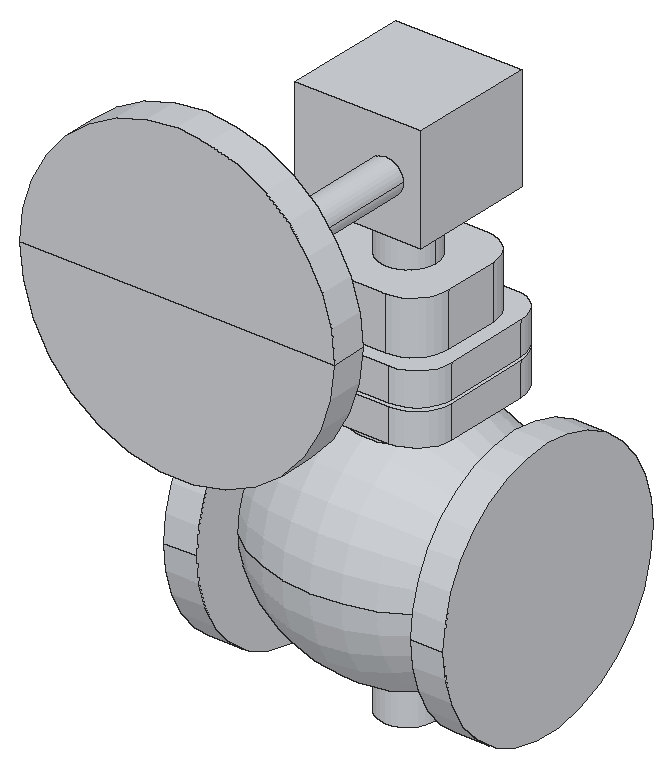
Revit family "5617285b90e648f4aace24408616f0ee", category Pipe Accessories, Revit 2021
Family settings
  Round Connector Dimension = Use Radius
  Part Type = Valve - Breaks Into
  OmniClass Number = 23.65.55.14.17
  OmniClass Title = Adjusting/Controlling Valves for Liquid Services
  Work Plane-Based = No
  Always vertical = Yes
  Cut with Voids When Loaded = No
  Shared = No
Parameters (values of type "3"")
  Weight = 75.00 lbm
  Valve Material = none
  Symbol Length = 0.5 * Valve Length * tan(30.00°)  # 2.3094"
  Stem Radius = Valve Length / 10  # 0.8"
  Length 6 = Length 4 + Length 5 / 2  # 4.47467"
  Length 5 = Length 3 * Length 3 / Length 4  # 5.59935"
  Length 4 = Belly Radius - Body Radius  # 1.675"
  Length 3 = Valve Length / 2 - Flange Thickness  # 3 1/16"
  Length 2 = Stem Radius + 1"  # 1.8"
  Length 1 Label = if(Length 1 > Valve Length / 2 - Flange Thickness, Valve Length / 2 - Flange Thickness, Length 1)  # 2.24297"
  Length 1 = Bonnet Radius * 1.05 + 171/256"  # 2.24297"
  Hand Wheel Thickness = 1"  # constant formula
  Hand Wheel Offset = 9 1/4"
  Hand Wheel Diameter = 9"
  Gear Box Height = 3"
  Flange Diameter = 7 123/256"
  Depth = 4 1/2"
  Default Elevation = 0"
  Body Radius = Nominal Radius * 1.05 + 1/4"  # 1.825"
  Valve Height = 10 1/4"
  Nominal Radius = 1 1/2"
  Nominal Diameter = Nominal Radius * 2  # 3"
  K Coefficient = 7
  Hand Wheel Radius = Hand Wheel Diameter / 2  # 4 1/2"
  Hand Wheel Material = none
  Flange Thickness = 15/16"
  Flange Radius = Flange Diameter / 2  # 3.74023"
  Bonnet Radius = Nominal Radius  # 1 1/2"
  Bonnet Height = Belly Radius + 1/4"  # 3 3/4"
  Valve Length = 8"
  Belly Radius = Depth - 1"  # 3 1/2"
Reference planes (in)
  plane 1 "Center (Front/Back)": y = 0
  plane 2: z = 0
  plane 3 "Center (Left/Right)": x = 0
  plane 4: x = -4
  plane 5: x = 4
  plane 6: x = -3.0625
  plane 7: x = 3.0625
  plane 8: z = 3.75
  plane 9: z = 10.25
  plane 10: y = 3.74023
  plane 11: y = -3.74023
  plane 12: z = 4.6875
  plane 13: z = 4.7875
  plane 14: z = 5.725
  plane 15: z = 11.75
  plane 16: z = 8.75
  plane 17: z = 7.2375
  plane 18: z = -4.5
  plane 19: y = -2.3094
  plane 20: y = 2.3094
  plane 21: x = 1.8
  plane 22: x = 0.8
  plane 23: y = -9.25
  plane 24: y = -1.8
  plane 25: y = 1.825
  plane 26: y = -0.97467
  plane 27: y = 3.5
Forms (in)
  Extrusion 1, solid, material <- "Valve Material", detail levels fine
    sketch origin (0, 0, 0) x (0, 1, 0) y (0, 0, 1)
      loop
        circle (0, 0) r 3.74023
    from -4 to -3.0625
  Extrusion 2, solid, material <- "Valve Material", detail levels fine
    sketch origin (0, 0, 0) x (0, 1, 0) y (0, 0, 1)
      loop
        circle (0, 0) r 3.74023
    from 3.0625 to 4
  Extrusion 3, solid, material <- "Valve Material", detail levels fine
    sketch origin (0, 0, 0) x (1, 0, 0) y (0, 1, 0)
      loop
        circle (0, 0) r 1.5
    from 0 to 3.75
  Extrusion 4, solid, material <- "Valve Material", detail levels fine
    sketch origin (0, 0, 0) x (1, 0, 0) y (0, 1, 0)
      loop
        arc (-1.24297, 2.24297) -> (-1.95008, 1.95008) -> (-2.24297, 1.24297) r 1
        line (-2.24297, 1.24297) -> (-2.24297, -1.24297)
        arc (-2.24297, -1.24297) -> (-1.95008, -1.95008) -> (-1.24297, -2.24297) r 1
        line (-1.24297, -2.24297) -> (1.24297, -2.24297)
        arc (1.24297, -2.24297) -> (1.95008, -1.95008) -> (2.24297, -1.24297) r 1
        line (2.24297, -1.24297) -> (2.24297, 1.24297)
        arc (2.24297, 1.24297) -> (1.95008, 1.95008) -> (1.24297, 2.24297) r 1
        line (1.24297, 2.24297) -> (-1.24297, 2.24297)
    from 3.75 to 4.6875
  Extrusion 5, solid, material <- "Valve Material", detail levels fine
    sketch origin (0, 0, 0) x (1, 0, 0) y (0, 1, 0)
      loop
        line (1.24297, 2.24297) -> (-1.24297, 2.24297)
        arc (-1.24297, 2.24297) -> (-1.95008, 1.95008) -> (-2.24297, 1.24297) r 1
        line (-2.24297, 1.24297) -> (-2.24297, -1.24297)
        arc (-2.24297, -1.24297) -> (-1.95008, -1.95008) -> (-1.24297, -2.24297) r 1
        line (-1.24297, -2.24297) -> (1.24297, -2.24297)
        arc (1.24297, -2.24297) -> (1.95008, -1.95008) -> (2.24297, -1.24297) r 1
        line (2.24297, -1.24297) -> (2.24297, 1.24297)
        arc (2.24297, 1.24297) -> (1.95008, 1.95008) -> (1.24297, 2.24297) r 1
    from 4.7875 to 5.725
  Extrusion 6, solid, material <- "Valve Material", detail levels fine
    sketch origin (0, 0, 0) x (1, 0, 0) y (0, 1, 0)
      loop
        circle (0, 0) r 0.8
    from -4.5 to 8.75
  Extrusion 7, solid, material <- "Valve Material", detail levels fine
    sketch origin (0, 0, 0) x (1, 0, 0) y (0, 1, 0)
      loop
        arc (-0.8, 1.8) -> (-1.50711, 1.50711) -> (-1.8, 0.8) r 1
        line (-1.8, 0.8) -> (-1.8, -0.8)
        arc (-1.8, -0.8) -> (-1.50711, -1.50711) -> (-0.8, -1.8) r 1
        line (-0.8, -1.8) -> (0.8, -1.8)
        arc (0.8, -1.8) -> (1.50711, -1.50711) -> (1.8, -0.8) r 1
        line (1.8, -0.8) -> (1.8, 0.8)
        arc (1.8, 0.8) -> (1.50711, 1.50711) -> (0.8, 1.8) r 1
        line (0.8, 1.8) -> (-0.8, 1.8)
    from 5.725 to 7.2375
  Extrusion 8, solid, material <- "Hand Wheel Material", detail levels fine
    sketch origin (0, 0, 0) x (1, 0, 0) y (0, 1, 0)
      loop
        line (-1.8, 1.8) -> (-1.8, -1.8) -> (1.8, -1.8) -> (1.8, 1.8) -> (-1.8, 1.8)
    from 8.75 to 11.75
  Revolve 9, solid, material <- "Hand Wheel Material", detail levels fine
    sketch origin (-68.11146, -180, 10.25) x (-1, 0, 0) y (0, -1, 0)
      loop
        line (-68.91146, -178.2) -> (-68.41146, -178.2) -> (-68.41146, -171.75) -> (-64.41146, -171.75) -> (-64.41146, -170.75) -> (-68.91146, -170.75) -> (-68.91146, -178.2)
      axis (-68.91146, -178.2) -> (-68.91146, -170.75)
    angle from 0 to 360
  Revolve 10, solid, material <- "Valve Material", detail levels fine
    sketch origin (0, 0, 0) x (1, 0, 0) y (0, 1, 0)
      loop
        line (-3.0625, 2.28781) -> (-3.0625, 0) -> (3.0625, 0) -> (3.0625, 2.28781)
        arc (3.0625, 2.28781) -> (0, 3.5) -> (-3.0625, 2.28781) r 4.47467
      axis (-3.0625, 0) -> (3.0625, 0)
    angle from 0 to 360
Cuts and joins
  joined: Extrusion 1, Extrusion 2
Lines and regions (in)
  model lines, detail levels coarse+medium
    curve 1: line (-4, 2.3094, 0) -> (-4, -2.3094, 0)
    curve 2: line (4, 2.3094, 0) -> (4, -2.3094, 0)
    curve 3: line (4, -2.3094, 0) -> (-4, 2.3094, 0)
    curve 4: line (-4, -2.3094, 0) -> (4, 2.3094, 0)
Dimensions and locks (in)
  "Bonnet Height": plane 8 to plane 2
  "Valve Height": plane 9 to plane 2
  equal spacing: plane 10, plane 1 "Center (Front/Back)", plane 11
  "Flange Radius": plane 10 to plane 1 "Center (Front/Back)"
  equal spacing: plane 4, plane 3 "Center (Left/Right)", plane 5
  "Valve Length": plane 4 to plane 5
  "Flange Thickness": plane 4 to plane 6
  "Flange Thickness": plane 7 to plane 5
  "Flange Thickness": plane 12 to plane 8
  locked: plane 13 to plane 12 at 0.1
  "Flange Thickness": plane 14 to plane 13
  "Length 1 Label": plane 1 "Center (Front/Back)" to Extrusion 4 sketch curve  (x2)
  "Length 1 Label": Extrusion 4 sketch curve to plane 3 "Center (Left/Right)"
  "Length 1 Label": plane 3 "Center (Left/Right)" to Extrusion 4 sketch curve
  equal spacing: plane 15, plane 9, plane 16
  "Gear Box Height": plane 15 to plane 16
  equal spacing: plane 16, plane 17, plane 14
  "Depth": plane 2 to plane 18
  "Length 2": plane 1 "Center (Front/Back)" to Extrusion 7 sketch curve  (x2)
  "Length 2": Extrusion 7 sketch curve to plane 3 "Center (Left/Right)"
  "Length 2": plane 3 "Center (Left/Right)" to Extrusion 7 sketch curve
  "Symbol Length": plane 20 to plane 1 "Center (Front/Back)"
  "Symbol Length": plane 1 "Center (Front/Back)" to plane 19
  "Length 2": plane 1 "Center (Front/Back)" to Extrusion 8 sketch curve  (x2)
  "Length 2": Extrusion 8 sketch curve to plane 3 "Center (Left/Right)"
  "Length 2": plane 3 "Center (Left/Right)" to Extrusion 8 sketch curve
  "Length 2": plane 3 "Center (Left/Right)" to plane 21
  "Hand Wheel Offset": plane 1 "Center (Front/Back)" to plane 23
  locked: plane 22 to plane 21 at 1
  "Length 2": plane 1 "Center (Front/Back)" to plane 24
  "Hand Wheel Thickness": Revolve 9 sketch curve to Revolve 9 sketch curve
  locked: Revolve 9 sketch curve to Revolve 9 sketch curve at 0.5
  "Hand Wheel Radius": Revolve 9 sketch curve to Revolve 9 sketch curve
  "Body Radius": plane 25 to plane 1 "Center (Front/Back)"
  "Length 6": plane 27 to plane 26
  "Belly Radius": plane 27 to plane 1 "Center (Front/Back)"
  "Flange Radius": radius of Extrusion 1 sketch curve
  "Flange Radius": radius of Extrusion 2 sketch curve
  "Bonnet Radius": radius of Extrusion 3 sketch curve
  radius of Extrusion 4 sketch curve = 1"  (x3)
  "Stem Radius": radius of Extrusion 6 sketch curve
  radius of Extrusion 7 sketch curve = 1"  (x4)
  "Length 6": radius of Revolve 10 sketch curve
  aligned and locked: plane 1 "Center (Front/Back)" to Extrusion 1 sketch curve
  aligned and locked: plane 2 to Extrusion 1 sketch curve
  aligned and locked: Extrusion 1 to plane 4
  aligned and locked: plane 6 to Extrusion 1
  aligned and locked: plane 1 "Center (Front/Back)" to Extrusion 2 sketch curve
  aligned and locked: plane 2 to Extrusion 2 sketch curve
  aligned and locked: plane 7 to Extrusion 2
  aligned and locked: plane 5 to Extrusion 2
  aligned and locked: plane 3 "Center (Left/Right)" to Extrusion 3 sketch curve
  aligned and locked: plane 1 "Center (Front/Back)" to Extrusion 3 sketch curve
  aligned and locked: plane 8 to Extrusion 3
  aligned and locked: Extrusion 3 to plane 2
  aligned and locked: cut or joined group of Extrusion 1, Extrusion 2 to plane 4
  aligned and locked: plane 5 to cut or joined group of Extrusion 1, Extrusion 2
  aligned and locked: Extrusion 4 to plane 8
  aligned and locked: plane 12 to Extrusion 4
  aligned and locked: Extrusion 5 sketch curve to Extrusion 4  (x4)
  aligned and locked: Extrusion 5 to plane 13
  aligned and locked: plane 14 to Extrusion 5
  aligned and locked: plane 3 "Center (Left/Right)" to Extrusion 6 sketch curve
  aligned and locked: plane 1 "Center (Front/Back)" to Extrusion 6 sketch curve
  aligned and locked: Extrusion 6 to plane 18
  aligned and locked: plane 16 to Extrusion 6
  aligned and locked: Extrusion 7 to plane 14
  aligned and locked: plane 17 to Extrusion 7
  aligned and locked: curve 1 to plane 4
  aligned and locked: plane 19 to curve 1
  aligned and locked: plane 20 to curve 1
  aligned and locked: plane 20 to curve 2
  aligned and locked: plane 19 to curve 2
  aligned and locked: Extrusion 8 to plane 16
  aligned and locked: plane 15 to Extrusion 8
  aligned and locked: Revolve 9 sketch curve to plane 22
  aligned and locked: Revolve 9 sketch curve to Revolve 9 sketch curve
  aligned and locked: Revolve 9 sketch curve to plane 24
  aligned and locked: plane 1 "Center (Front/Back)" to Revolve 10 sketch curve
  aligned and locked: Revolve 10 sketch curve to plane 6
  aligned and locked: plane 7 to Revolve 10 sketch curve
  aligned and locked: plane 3 "Center (Left/Right)" to Revolve 10 sketch curve
  aligned and locked: plane 26 to Revolve 10 sketch curve
Automatic sketch dimensions
  Extrusion 4 sketch curve to Extrusion 4 sketch curve = 1"
  curve 4 to plane 5 = 0"
  Revolve 9 sketch curve to plane 23 = 0"
  plane 10 to Revolve 9 sketch curve = 8.64153"
  Revolve 9 sketch curve to Revolve 9 sketch curve = 4.60847"
  Revolve 10 sketch curve to Revolve 10 sketch curve = 14.71761"
  plane 5 to Revolve 10 sketch curve = 8.78239"
  plane 1 "Center (Front/Back)" to Revolve 10 sketch curve = 0"
Connectors (in)
  piping at (-4, 0, 0), diameter 3, driven by "Nominal Radius"
    settings: on cut or joined group of Extrusion 1, Extrusion 2, index 1, connector inside diameter 2", connector length 0", flow factor 0, pipe flow 0 GPM, pressure drop 0.00 psi, fitting loss kfactor 0, connector angle 0.00°, fixture units 0, engagement length 0", angle of deflection 0.00°, flow configuration 0, flow direction 0, fitting loss method 2, system type 29, joint type 0, gender type 0, connector reference index 2, connector utility 0, adjustable connector no, is connector primary yes, connector description ""
  piping at (4, 0, 0), diameter 3, driven by "K Coefficient", driven by "Nominal Radius"
    settings: on cut or joined group of Extrusion 1, Extrusion 2, index 2, connector inside diameter 2", connector length 0", flow factor 0, pipe flow 0 GPM, pressure drop 0.00 psi, fitting loss kfactor 7, connector angle 0.00°, fixture units 0, engagement length 0", angle of deflection 0.00°, flow configuration 0, flow direction 0, fitting loss method 2, system type 29, joint type 0, gender type 0, connector reference index 1, connector utility 0, adjustable connector no, is connector primary no, connector description ""
